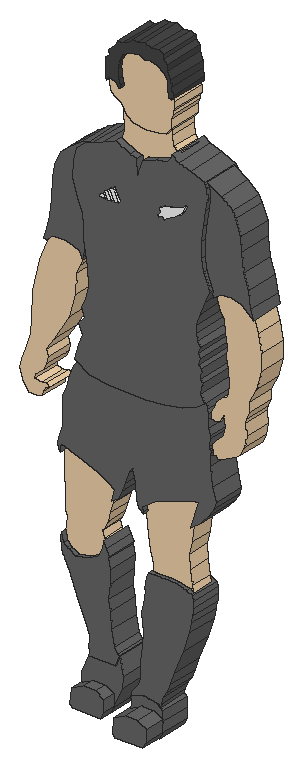
Revit family
Parameters (values of type "Man")
  Height = 0 mm
  Assembly Code = ""
Reference planes
  plane 1 "Center (Front/Back)": y = 0
  plane 2: z = 0
  plane 3 "Center (Left/Right)": x = -11.745
Forms (mm)
  Extrusion 1, solid, material "Fabric - White"
    sketch origin (1021.116, 0, 222.815) x (-0.981627, 0, -0.190809) y (0.190809, 0, -0.981627)
      loop
        line (798.311, -1406.266) -> (816.359, -1414.425) -> (834.407, -1421.01) -> (851.283, -1428.638) -> (857.469, -1436.469) -> (862.196, -1434.608) -> (856.036, -1419.149) -> (848.301, -1406.839) -> (833.834, -1394.672) -> (819.51, -1385.797) -> (808.911, -1376.064) -> (806.762, -1374.489) -> (796.735, -1379.929) -> (786.852, -1371.054) -> (783.844, -1375.921) -> (790.576, -1384.795) -> (787.282, -1398.394) -> (798.311, -1406.266)
      loop
        line (647.474, -1385.267) -> (668.378, -1353.736) -> (655.627, -1350.757) -> (637.441, -1378.616) -> (647.474, -1385.267)
      loop
        line (633.054, -1372.81) -> (647.848, -1349.131) -> (636.236, -1345.734) -> (624.541, -1364.965) -> (633.054, -1372.81)
      loop
        line (621.102, -1357.552) -> (627.877, -1345.305) -> (610.016, -1344.197) -> (610.016, -1347.028) -> (621.102, -1357.552)
    from -60 to -65
  Extrusion 2, solid, material "Fabric - White"
    sketch origin (-846.202, 0, 158.843) x (0.99258, 0, -0.121597) y (0.121597, 0, 0.99258)
      loop
        line (798.311, 1406.266) -> (787.282, 1398.394) -> (790.576, 1384.795) -> (783.844, 1375.921) -> (786.852, 1371.054) -> (796.735, 1379.929) -> (806.762, 1374.489) -> (808.911, 1376.064) -> (819.51, 1385.797) -> (833.834, 1394.672) -> (848.301, 1406.839) -> (856.036, 1419.149) -> (862.196, 1434.608) -> (857.469, 1436.469) -> (851.283, 1428.638) -> (834.407, 1421.01) -> (816.359, 1414.425) -> (798.311, 1406.266)
      loop
        line (647.474, 1385.267) -> (637.441, 1378.616) -> (655.627, 1350.757) -> (668.378, 1353.736) -> (647.474, 1385.267)
      loop
        line (633.054, 1372.81) -> (624.541, 1364.965) -> (636.236, 1345.734) -> (647.848, 1349.131) -> (633.054, 1372.81)
      loop
        line (621.102, 1357.552) -> (610.016, 1347.028) -> (610.016, 1344.197) -> (627.877, 1345.305) -> (621.102, 1357.552)
    from 60 to 65
  Extrusion 3, solid, material "Fabric - Black"
    sketch origin (0, 0, 0) x (1, 0, 0) y (0, 0, 1)
      loop
        line (-52.6, 1819.768) -> (-50.694, 1808.724) -> (-60.603, 1799.204) -> (-60.603, 1768.738) -> (-60.603, 1743.984) -> (-57.173, 1737.51) -> (-52.219, 1745.888) -> (-42.692, 1746.65) -> (-32.783, 1742.08) -> (-23.637, 1728.37) -> (-16.396, 1730.655) -> (-16.396, 1737.891) -> (-20.97, 1756.932) -> (-23.637, 1783.209) -> (-20.207, 1802.631) -> (-9.918, 1821.672) -> (6.85, 1834.239) -> (39.623, 1839.952) -> (57.153, 1833.478) -> (69.348, 1837.286) -> (94.119, 1830.431) -> (114.317, 1815.96) -> (124.225, 1799.204) -> (126.13, 1779.782) -> (128.106, 1753.78) -> (137.381, 1751.288) -> (139.469, 1761.121) -> (136.42, 1785.875) -> (135.658, 1804.916) -> (126.512, 1827.004) -> (127.182, 1844.097) -> (114.314, 1855.968) -> (112.792, 1865.467) -> (99.073, 1873.083) -> (74.684, 1870.798) -> (55.486, 1878.114) -> (35.963, 1874.61) -> (20.974, 1873.686) -> (11.813, 1865.179) -> (-12.205, 1853.661) -> (-24.018, 1855.185) -> (-29.985, 1842.383) -> (-52.6, 1819.768)
    from -60 to 60.546
  Extrusion 4, solid, material "Fabric - Pale Skin"
    sketch origin (0, 0, 0) x (1, 0, 0) y (0, 0, 1)
      loop
        line (-52.219, 1745.888) -> (-57.173, 1737.51) -> (-58.264, 1726.955) -> (-53.726, 1707.116) -> (-43.516, 1695.212) -> (-32.512, 1691.584) -> (-22.469, 1682.22) -> (-5.639, 1655.834) -> (15.832, 1642.496) -> (53.263, 1637.277) -> (89.242, 1640.177) -> (113.035, 1647.426) -> (129.284, 1666.853) -> (128.123, 1692.659) -> (134.797, 1705.417) -> (134.216, 1715.565) -> (138.859, 1723.974) -> (138.569, 1743.981) -> (134.369, 1752.097) -> (128.106, 1753.78) -> (126.13, 1779.782) -> (124.225, 1799.204) -> (114.317, 1815.96) -> (94.119, 1830.431) -> (69.348, 1837.286) -> (57.153, 1833.478) -> (39.623, 1839.952) -> (6.85, 1834.239) -> (-9.918, 1821.672) -> (-20.207, 1802.631) -> (-23.637, 1783.209) -> (-20.97, 1756.932) -> (-16.396, 1737.891) -> (-16.396, 1730.655) -> (-23.637, 1728.37) -> (-32.783, 1742.08) -> (-42.692, 1746.65) -> (-52.219, 1745.888)
    from -50 to 50
  Extrusion 5, solid, material "Fabric - Pale Skin"
    sketch origin (0, 0, 0) x (1, 0, 0) y (0, 0, 1)
      loop
        line (-27.49, 1686.902) -> (-25.553, 1656.711) -> (-23.749, 1608.256) -> (-24.877, 1590.677) -> (-32.319, 1580.761) -> (11.879, 1560.658) -> (31.607, 1554.774) -> (34.731, 1513.011) -> (49.774, 1557.096) -> (90.82, 1572.422) -> (124.424, 1580.084) -> (138.858, 1595.184) -> (137.279, 1603.073) -> (126.679, 1613.665) -> (122.394, 1643.414) -> (122.543, 1658.794) -> (113.035, 1647.426) -> (89.242, 1640.177) -> (53.263, 1637.277) -> (15.832, 1642.496) -> (-5.639, 1655.834) -> (-22.469, 1682.22) -> (-27.49, 1686.902)
    from -40.16 to 37.338
  Extrusion 6, solid, material "Fabric - Black Grey"
    sketch origin (0, 0, 0) x (1, 0, 0) y (0, 0, 1)
      loop
        line (-68.862, 1565.99) -> (-104.393, 1550.503) -> (-122.726, 1543.704) -> (-148.641, 1521.726) -> (-158.469, 1486.597) -> (-163.002, 1435.81) -> (-145.614, 1388.594) -> (-130.873, 1351.199) -> (-129.361, 1318.714) -> (-128.227, 1283.585) -> (-123.581, 1246.609) -> (-117.009, 1209.547) -> (-114.663, 1156.171) -> (-121.705, 1123.8) -> (-133.3, 1096.859) -> (-124.294, 1070.461) -> (-144.106, 1049.463) -> (-131.499, 1021.266) -> (-142.906, 991.868) -> (-154.913, 948.672) -> (-111.086, 921.674) -> (-45.646, 913.275) -> (57.616, 910.875) -> (117.052, 918.674) -> (169.885, 930.073) -> (214.312, 948.072) -> (235.925, 964.87) -> (225.118, 988.268) -> (229.921, 1015.866) -> (223.917, 1027.265) -> (226.919, 1054.263) -> (219.715, 1065.062) -> (225.118, 1083.06) -> (220.315, 1096.859) -> (224.518, 1111.258) -> (215.512, 1127.456) -> (212.51, 1148.455) -> (214.312, 1170.653) -> (223.71, 1203.459) -> (241.164, 1241.89) -> (252.74, 1268.958) -> (248.023, 1284.054) -> (234.006, 1320.474) -> (228.38, 1356.762) -> (228.94, 1403.268) -> (233.706, 1444.17) -> (240.428, 1486.621) -> (244.913, 1519.959) -> (242.39, 1547.414) -> (236.215, 1561.791) -> (193.404, 1577.081) -> (157.02, 1589.621) -> (137.279, 1603.073) -> (138.858, 1595.184) -> (124.424, 1580.084) -> (90.82, 1572.422) -> (49.774, 1557.096) -> (34.731, 1513.011) -> (31.607, 1554.774) -> (11.879, 1560.658) -> (-32.319, 1580.761) -> (-68.862, 1565.99)
    from -60 to 60
  Extrusion 7, solid, material "Fabric - Black Grey"
    sketch origin (0, 0, 0) x (1, 0, 0) y (0, 0, 1)
      loop
        line (236.215, 1561.791) -> (242.39, 1547.414) -> (244.913, 1519.959) -> (240.428, 1486.621) -> (233.706, 1444.17) -> (228.94, 1403.268) -> (228.38, 1356.762) -> (234.006, 1320.474) -> (248.023, 1284.054) -> (257.457, 1253.861) -> (276.058, 1267.525) -> (309.139, 1272.008) -> (339.416, 1263.323) -> (376.454, 1234.427) -> (369.133, 1263.883) -> (360.982, 1309.67) -> (345.843, 1351.973) -> (340.797, 1407.723) -> (337.919, 1446.263) -> (321.836, 1489.643) -> (312.292, 1507.773) -> (280.037, 1536.449) -> (236.215, 1561.791)
    from -50 to 50
  Extrusion 8, solid, material "Fabric - Black Grey"
    sketch origin (0, 0, 0) x (1, 0, 0) y (0, 0, 1)
      loop
        line (-122.726, 1543.704) -> (-141.059, 1536.905) -> (-171.298, 1513.485) -> (-206.451, 1486.289) -> (-224.973, 1443.983) -> (-231.021, 1408.477) -> (-231.797, 1350.821) -> (-239.734, 1300.205) -> (-246.916, 1264.699) -> (-257.654, 1234.616) -> (-248.543, 1233.411) -> (-228.773, 1250.345) -> (-192.863, 1253.367) -> (-165.27, 1245.435) -> (-149.016, 1237.125) -> (-142.591, 1225.793) -> (-138.811, 1217.105) -> (-135.409, 1229.948) -> (-129.739, 1259.033) -> (-128.227, 1283.585) -> (-129.361, 1318.714) -> (-130.873, 1351.199) -> (-145.614, 1388.594) -> (-163.002, 1435.81) -> (-158.469, 1486.597) -> (-148.641, 1521.726) -> (-122.726, 1543.704)
    from -50 to 50
  Extrusion 9, solid, material "Fabric - Pale Skin"
    sketch origin (0, 0, 0) x (1, 0, 0) y (0, 0, 1)
      loop
        line (-276.222, 1164.894) -> (-298.865, 1074.019) -> (-300.691, 997.524) -> (-304.343, 954.824) -> (-313.474, 928.182) -> (-320.048, 908.474) -> (-332.465, 877.453) -> (-337.578, 853.731) -> (-324.436, 817.798) -> (-311.653, 795.901) -> (-287.915, 795.536) -> (-267.098, 802.47) -> (-264.541, 814.149) -> (-256.872, 827.287) -> (-245.915, 830.937) -> (-255.046, 839.331) -> (-271.845, 836.046) -> (-291.202, 841.52) -> (-289.376, 852.104) -> (-275.863, 863.418) -> (-263.446, 873.637) -> (-255.046, 892.25) -> (-249.933, 910.863) -> (-256.872, 931.3) -> (-232.227, 967.532) -> (-186.568, 1042.348) -> (-169.349, 1107.082) -> (-166.104, 1167.524) -> (-153.559, 1194.103) -> (-140.701, 1221.449) -> (-142.591, 1225.793) -> (-149.016, 1237.125) -> (-165.27, 1245.435) -> (-192.863, 1253.367) -> (-228.773, 1250.345) -> (-248.543, 1233.411) -> (-254.921, 1218.981) -> (-276.222, 1164.894)
    from -40 to 40
  Extrusion 10, solid, material "Fabric - Pale Skin"
    sketch origin (0, 0, 0) x (1, 0, 0) y (0, 0, 1)
      loop
        line (258.324, 1254.498) -> (259.357, 1243.896) -> (270.494, 1216.907) -> (281.631, 1197.988) -> (284.422, 1164.479) -> (289.434, 1126.917) -> (288.877, 1101.877) -> (292.218, 1067.932) -> (295.286, 1028.594) -> (294.451, 1006.614) -> (290.553, 994.094) -> (274.109, 985.025) -> (256.29, 967.774) -> (252.392, 948.855) -> (239.584, 931.326) -> (237.914, 917.136) -> (251.278, 913.797) -> (266.591, 916.301) -> (275.501, 931.604) -> (279.677, 937.725) -> (284.968, 909.624) -> (278.007, 883.192) -> (257.682, 862.046) -> (242.09, 846.743) -> (241.812, 839.231) -> (245.988, 835.058) -> (244.874, 821.424) -> (257.682, 820.868) -> (259.074, 815.303) -> (269.654, 816.138) -> (319.214, 841.457) -> (330.908, 851.195) -> (340.931, 873.175) -> (346.499, 904.059) -> (345.109, 941.731) -> (348.45, 953.695) -> (357.36, 973.45) -> (357.36, 1002.664) -> (377.134, 1043.416) -> (392.169, 1096.558) -> (392.446, 1144.269) -> (383.815, 1196.854) -> (372.947, 1237.163) -> (339.416, 1263.323) -> (309.139, 1272.008) -> (276.058, 1267.525) -> (258.324, 1254.498)
    from -40 to 40
  Extrusion 11, solid, material "Fabric - Pale Skin"
    sketch origin (0, 0, 0) x (1, 0, 0) y (0, 0, 1)
      loop
        line (-206.87, 693.905) -> (-208.585, 687.346) -> (-207.981, 656.562) -> (-208.411, 606.091) -> (-206.012, 562.75) -> (-205.577, 534.08) -> (-205.577, 510.406) -> (-199.056, 496.071) -> (-201.447, 474.568) -> (-204.339, 450.125) -> (-199.87, 430.987) -> (-186.229, 415.681) -> (-163.254, 406.115) -> (-129.031, 412.811) -> (-96.483, 428.117) -> (-82.602, 453.467) -> (-80.688, 468.175) -> (-86.336, 477.259) -> (-91.852, 495.725) -> (-87.164, 500.411) -> (-76.407, 523.287) -> (-67.581, 552.778) -> (-59.148, 580.183) -> (-46.892, 625.672) -> (-67.464, 640.106) -> (-98.322, 657.383) -> (-153.034, 676.847) -> (-206.87, 693.905)
    from -31.552 to 32.506
  Extrusion 12, solid, material "Fabric - Pale Skin"
    sketch origin (0, 0, 0) x (1, 0, 0) y (0, 0, 1)
      loop
        line (39.911, 611.617) -> (41.556, 597.497) -> (41.308, 585.136) -> (42.545, 559.427) -> (47.245, 530.503) -> (51.701, 491.938) -> (60.399, 456.332) -> (61.274, 437.589) -> (70.513, 437.288) -> (112.659, 438.368) -> (139.46, 435.776) -> (171.448, 429.729) -> (183.061, 423.033) -> (177.759, 441.101) -> (174.258, 481.493) -> (169.802, 523.475) -> (178.077, 557.506) -> (185.083, 605.37) -> (206.725, 680.747) -> (186.356, 676.931) -> (126.798, 656.144) -> (82.559, 640.241) -> (39.911, 611.617)
    from -31.552 to 32.506
  Extrusion 13, solid, material "Fabric - Black Grey"
    sketch origin (0, 0, 0) x (1, 0, 0) y (0, 0, 1)
      loop
        line (-151.123, 946.337) -> (-172.165, 911.145) -> (-184.938, 877.601) -> (-190.474, 855.475) -> (-202.266, 824.45) -> (-201.544, 780.764) -> (-203.951, 745.17) -> (-211.893, 717.032) -> (-216.947, 696.108) -> (-213.818, 677.59) -> (-208.283, 671.954) -> (-208.585, 687.346) -> (-206.87, 693.905) -> (-153.034, 676.847) -> (-98.322, 657.383) -> (-67.464, 640.106) -> (-46.892, 625.672) -> (-55.539, 593.578) -> (-35.2, 605.984) -> (-20.689, 631.793) -> (-12.023, 658.079) -> (-1.048, 689.579) -> (8.486, 702.509) -> (16.998, 666.101) -> (20.062, 621.867) -> (26.872, 603.493) -> (41.432, 591.316) -> (41.556, 597.497) -> (39.911, 611.617) -> (82.559, 640.241) -> (126.798, 656.144) -> (186.356, 676.931) -> (206.725, 680.747) -> (185.083, 605.37) -> (184.893, 604.073) -> (215.935, 628.323) -> (240.897, 656.873) -> (256.801, 680.12) -> (261.548, 699.097) -> (251.687, 738.908) -> (242.903, 792.09) -> (244.874, 821.424) -> (245.988, 835.058) -> (241.812, 839.231) -> (242.09, 846.743) -> (244.229, 865.623) -> (244.403, 874.601) -> (238.815, 893.817) -> (237.914, 917.136) -> (239.584, 931.326) -> (234.97, 942.958) -> (231.881, 961.728) -> (214.312, 948.072) -> (169.885, 930.073) -> (117.052, 918.674) -> (57.616, 910.875) -> (-45.646, 913.275) -> (-111.086, 921.674) -> (-151.123, 946.337)
    from -46.862 to 46.326
  Extrusion 14, solid, material "Fabric - Black Grey"
    sketch origin (0, 0, 0) x (1, 0, 0) y (0, 0, 1)
      loop
        line (-205.733, 456.098) -> (-209.443, 442.945) -> (-206.81, 415.681) -> (-203.938, 395.831) -> (-198.671, 393.61) -> (-196.953, 388.494) -> (-183.495, 357.566) -> (-158.282, 295.083) -> (-134.232, 237.345) -> (-120.891, 207.214) -> (-121.425, 191.216) -> (-124.093, 177.617) -> (-121.425, 160.819) -> (-124.398, 149.461) -> (-87.243, 148.47) -> (-43.153, 150.203) -> (-32.75, 180.401) -> (-37.641, 185.883) -> (-47.247, 200.282) -> (-55.533, 245.47) -> (-59.803, 290.532) -> (-63.818, 323.448) -> (-60.083, 367.177) -> (-57.948, 405.04) -> (-64.638, 434.649) -> (-62.021, 439.835) -> (-69.679, 458.25) -> (-79.604, 476.501) -> (-82.602, 453.467) -> (-96.483, 428.117) -> (-129.031, 412.811) -> (-163.254, 406.115) -> (-186.229, 415.681) -> (-199.87, 430.987) -> (-205.733, 456.098)
    from -45 to 45
  Extrusion 15, solid, material "Fabric - Black Grey"
    sketch origin (0, 0, 0) x (1, 0, 0) y (0, 0, 1)
      loop
        line (-32.75, 180.401) -> (-43.153, 150.203) -> (-87.243, 148.47) -> (-124.398, 149.461) -> (-133.81, 125.451) -> (-147.681, 99.708) -> (-147.681, 62.827) -> (-151.309, 26.176) -> (-143.378, 18.244) -> (-59.772, 18.244) -> (-49.557, 35.497) -> (-22.842, 95.5) -> (-19.622, 129.411) -> (-32.75, 180.401)
    from -45 to 45
  Extrusion 16, solid, material "Fabric - Black Grey"
    sketch origin (0, 0, 0) x (1, 0, 0) y (0, 0, 1)
      loop
        line (70.513, 437.288) -> (56.627, 437.74) -> (49.871, 423.928) -> (43.713, 389.771) -> (47.816, 391.266) -> (42.372, 362.031) -> (34.606, 321.751) -> (40.523, 272.971) -> (38.674, 231.213) -> (32.008, 187.824) -> (31.638, 142.371) -> (24.612, 121.677) -> (4.326, 96.31) -> (4.518, 86.125) -> (40.158, 99.481) -> (83.263, 91.426) -> (90.797, 84.597) -> (93.742, 95.727) -> (102.591, 117.978) -> (114.295, 134.238) -> (122.574, 159.341) -> (135.144, 194.631) -> (163.119, 260.812) -> (179.105, 317.294) -> (185.444, 346.184) -> (189.294, 371.253) -> (191.765, 369.901) -> (192.413, 387.18) -> (190.9, 406.618) -> (188.306, 420.009) -> (171.448, 429.729) -> (139.46, 435.776) -> (112.659, 438.368) -> (70.513, 437.288)
    from -45 to 45
  Extrusion 17, solid, material "Fabric - Black Grey"
    sketch origin (0, 0, 0) x (1, 0, 0) y (0, 0, 1)
      loop
        line (-3.998, 7.378) -> (3.38, 0) -> (88.38, 0) -> (99.383, 18.584) -> (99.033, 47.301) -> (98.332, 77.768) -> (83.263, 91.426) -> (40.158, 99.481) -> (0.908, 84.772) -> (3.011, 69.013) -> (1.152, 47.932) -> (-3.998, 7.378)
    from -45 to 45
  Extrusion 18, solid, material "Fabric - Black Grey"
    sketch origin (0, 0, 0) x (1, 0, 0) y (0, 0, 1)
      loop
        line (3.38, 0) -> (87.709, 0) -> (98.882, 18.871) -> (98.882, 53.871) -> (72.489, 69.109) -> (36.206, 69.109) -> (-0.046, 52.204) -> (-3.998, 7.378) -> (3.38, 0)
    from 45 to 106.683
  Extrusion 19, solid, material "Fabric - Black Grey"
    sketch origin (-147.3, 0, 18.55) x (1, 0, 0) y (0, 0, 1)
      loop
        line (3.38, 0) -> (87.709, 0) -> (98.882, 18.871) -> (98.882, 53.871) -> (72.489, 69.109) -> (36.206, 69.109) -> (-0.046, 52.204) -> (-3.998, 7.378) -> (3.38, 0)
    from 45 to 82.94
Lines and regions (mm)
  sketch lines
    curve 1: line (-2000, 2000, 0) -> (2000, 2000, 0)
    curve 2: line (-2000, 2000, 0) -> (-2000, -2000, 0)
    curve 3: line (-2000, -2000, 0) -> (2000, -2000, 0)
    curve 4: line (2000, 2000, 0) -> (2000, -2000, 0)
